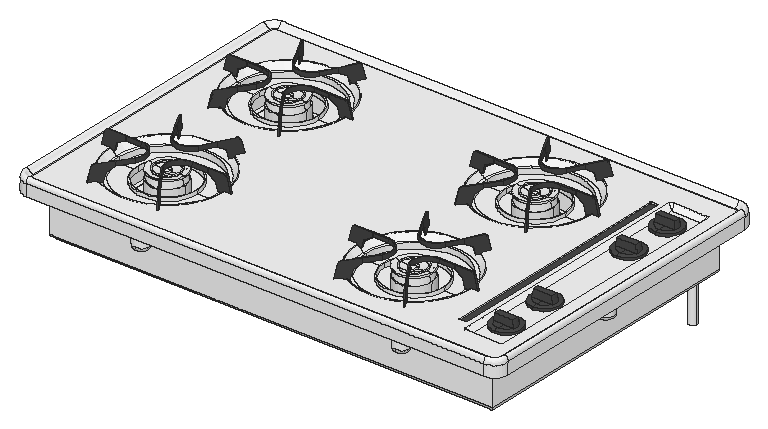
Revit family "QF_Summit_WNL05P_Cooktop", category Specialty Equipment, Revit 2020 (continued)
Definition of nested family "Summit_Burner"
  Automatic sketch dimensions
    curve 37 to plane 8 "Center X" = 0"
    curve 28 to plane 8 "Center X" = 0.00005"
    curve 28 to curve 30 = 0"
    curve 28 to curve 29 = 0"
    curve 37 to curve 23 = 0.00008"
    curve 23 to curve 21 = 0.00002"
    curve 21 to curve 20 = 0.00003"
    curve 30 to curve 16 = 0.00015"
    curve 32 to curve 20 = 0.08532"
    curve 21 to curve 32 = 0.00683"
    curve 31 to curve 21 = 0.0725"
    curve 12 to curve 11 = 0.00194"
    curve 34 to curve 12 = 0.06053"
    curve 33 to curve 12 = 0.06852"
    curve 10 to curve 11 = 0.27562"
    curve 30 to curve 23 = 0.05436"
    curve 35 to curve 10 = 0.05987"
    curve 32 to curve 33 = 0.01816"
    curve 34 to curve 32 = 0.06703"
    curve 31 to curve 34 = 0.0111"
    curve 29 to curve 25 = 0.0546"
    curve 26 to curve 25 = 0.14085"
    curve 36 to curve 9 = 0.05612"
    curve 28 to curve 26 = 0.05462"
    curve 8 to curve 36 = 0.11219"
    curve 37 to curve 8 = 0.0556"
    curve 30 to curve 35 = 0.00104"
    curve 29 to curve 36 = 0.00067"
    curve 28 to curve 37 = 0.00063"
    curve 18 to curve 21 = 0.00535"
    curve 21 to curve 19 = 0.07323"
    curve 11 to curve 12 = 0.0019"
    curve 12 to curve 14 = 0.06051"
    curve 12 to curve 13 = 0.06855"
    curve 11 to curve 10 = 0.3055"
    curve 23 to curve 22 = 0.06833"
    curve 10 to curve 15 = 0.04534"
    curve 13 to curve 18 = 0.01507"
    curve 18 to curve 14 = 0.07001"
    curve 19 to plane 8 "Center X" = 0.08242"
    curve 25 to curve 24 = 0.05466"
    curve 9 to curve 16 = 0.0538"
    curve 26 to curve 27 = 7/128"
    curve 9 to curve 8 = 0.16803"
    curve 8 to curve 17 = 0.04772"
    curve 15 to curve 22 = 0.00203"
    curve 16 to curve 24 = 0.0001"
    curve 17 to curve 27 = 0.00107"
    curve 30 to curve 35 = 0.06245"
    curve 29 to curve 36 = 0.06245"
    curve 28 to curve 37 = 0.06245"
    curve 18 to curve 14 = 0.0297"
    curve 32 to curve 34 = 0.03106"
    curve 12 to curve 34 = 0.04337"
    curve 14 to curve 11 = 0.04324"
    curve 15 to curve 10 = 0.02225"
    curve 16 to curve 9 = 0.03201"
    curve 17 to curve 8 = 0.02894"
    Revolve 1 sketch curve to plane 7 "Center Y" = 0"  (x2)
    Revolve 1 sketch curve to Revolve 1 sketch curve = 0.23333"
    Revolve 1 sketch curve to plane 7 "Center Y" = 0.24695"
    Revolve 1 sketch curve to Revolve 1 sketch curve = 0.51345"
    Revolve 1 sketch curve to Revolve 1 sketch curve = 0.02917"
    Revolve 1 sketch curve to Revolve 1 sketch curve = 0.18246"
    Revolve 1 sketch curve to Revolve 1 sketch curve = 0.07859"
    Revolve 1 sketch curve to Revolve 1 sketch curve = 0.0713"
    Revolve 1 sketch curve to plane 6 "TOP" = 0.50892"
    Revolve 1 sketch curve to Revolve 1 sketch curve = 0.14989"
    Revolve 1 sketch curve to Revolve 1 sketch curve = 0.7"
    Revolve 1 sketch curve to Revolve 1 sketch curve = 0.05833"  (x2)
    plane 3 "LEFT" to Revolve 1 sketch curve = 0.74587"
    Revolve 1 sketch curve to Revolve 1 sketch curve = 0.1959"
    plane 3 "LEFT" to Revolve 1 sketch curve = 1/4"
    Revolve 1 sketch curve to plane 6 "TOP" = 0.53304"
    Revolve 1 sketch curve to Revolve 1 sketch curve = 0.02643"
    Revolve 1 sketch curve to plane 6 "TOP" = 0.8456"
    Revolve 1 sketch curve to Revolve 1 sketch curve = 0"  (x2)
    Revolve 1 sketch curve to Revolve 1 sketch curve = 0.20616"
    Revolve 1 sketch curve to Revolve 1 sketch curve = 1.38136"
    Revolve 1 sketch curve to Revolve 1 sketch curve = 0.0449"
    Revolve 1 sketch curve to Revolve 1 sketch curve = 0.35749"
    Revolve 1 sketch curve to Revolve 1 sketch curve = 0.07043"
    Revolve 1 sketch curve to Revolve 1 sketch curve = 0.03555"
    Revolve 1 sketch curve to Revolve 1 sketch curve = 0.07819"
    Revolve 1 sketch curve to Revolve 1 sketch curve = 0.04006"
    Revolve 1 sketch curve to Revolve 1 sketch curve = 0.01412"
    Revolve 1 sketch curve to Revolve 1 sketch curve = 0.0834"
    Extrusion 2 sketch curve to Extrusion 2 sketch curve = 0"  (x6)
    Extrusion 2 sketch curve to plane 7 "Center Y" = 0"
    plane 7 "Center Y" to Extrusion 2 sketch curve = 0.78533"
    plane 7 "Center Y" to Extrusion 2 sketch curve = 0.79697"
    Extrusion 2 sketch curve to Extrusion 2 sketch curve = 0.05518"  (x4)
    Extrusion 2 sketch curve to Extrusion 2 sketch curve = 0.05181"  (x4)
    Extrusion 2 sketch curve to Extrusion 2 sketch curve = 0.44677"  (x2)
    Extrusion 2 sketch curve to Extrusion 2 sketch curve = 0.54664"  (x2)
    Extrusion 2 sketch curve to plane 8 "Center X" = 1/32"
    Extrusion 2 sketch curve to Extrusion 2 sketch curve = 0.73738"  (x2)
    Extrusion 2 sketch curve to Extrusion 2 sketch curve = 0.95164"  (x2)
    Extrusion 2 sketch curve to plane 7 "Center Y" = 0.78533"
    Extrusion 2 sketch curve to plane 7 "Center Y" = 0.79697"
    plane 8 "Center X" to Extrusion 2 sketch curve = 1/32"
    plane 8 "Center X" to Extrusion 2 sketch curve = 1.39462"
    Extrusion 2 sketch curve to Extrusion 2 sketch curve = 0.02934"
    Extrusion 2 sketch curve to Extrusion 2 sketch curve = 0.41757"
    Extrusion 2 sketch curve to Extrusion 2 sketch curve = 1/16"  (x2)
    Extrusion 2 sketch curve to Extrusion 2 sketch curve = 0.88944"  (x2)
    plane 6 "TOP" to Extrusion 3 sketch curve = 1/4"
    plane 3 "LEFT" to Extrusion 3 sketch curve = 1.21219"
    Extrusion 3 sketch curve to plane 6 "TOP" = 0.05877"
    Extrusion 3 sketch curve to Extrusion 3 sketch curve = 0.53481"
    Extrusion 3 sketch curve to Extrusion 3 sketch curve = 0.12323"
    Extrusion 3 sketch curve to Extrusion 3 sketch curve = 1/4"
    Extrusion 3 sketch curve to Extrusion 3 sketch curve = 0.09613"
    plane 3 "LEFT" to Extrusion 3 sketch curve = 0.16348"
    Extrusion 3 sketch curve to plane 3 "LEFT" = 0.05937"
    Extrusion 3 sketch curve to plane 3 "LEFT" = 0.24994"
    Extrusion 3 sketch curve to plane 6 "TOP" = 0.43845"
    Extrusion 3 sketch curve to Extrusion 3 sketch curve = 0.11457"
    plane 6 "TOP" to Extrusion 3 sketch curve = 0.27032"
    Extrusion 3 sketch curve to Extrusion 3 sketch curve = 0.05556"
    plane 6 "TOP" to Extrusion 4 sketch curve = 1/4"
    Extrusion 4 sketch curve to plane 6 "TOP" = 0.05877"
    Extrusion 4 sketch curve to Extrusion 4 sketch curve = 0.53481"
    Extrusion 4 sketch curve to Extrusion 4 sketch curve = 0.12323"
    Extrusion 4 sketch curve to plane 6 "TOP" = 0.55301"
    Extrusion 4 sketch curve to Extrusion 4 sketch curve = 1/4"
    Extrusion 4 sketch curve to plane 6 "TOP" = 0.43845"
    Extrusion 4 sketch curve to Extrusion 4 sketch curve = 0.09613"
    plane 6 "TOP" to Extrusion 4 sketch curve = 0.27032"
    Extrusion 4 sketch curve to Extrusion 4 sketch curve = 0.5139"
    plane 6 "TOP" to Extrusion 4 sketch curve = 0.32589"
    Extrusion 4 sketch curve to Extrusion 4 sketch curve = 0.22285"
    Extrusion 4 sketch curve to Extrusion 4 sketch curve = 0.45796"
    plane 6 "TOP" to Extrusion 5 sketch curve = 1/4"
    plane 4 "RIGHT" to Extrusion 5 sketch curve = 1.21219"
    Extrusion 5 sketch curve to plane 6 "TOP" = 0.05877"
    Extrusion 5 sketch curve to Extrusion 5 sketch curve = 0.53481"
    Extrusion 5 sketch curve to Extrusion 5 sketch curve = 0.12323"
    Extrusion 5 sketch curve to Extrusion 5 sketch curve = 1/4"
    Extrusion 5 sketch curve to Extrusion 5 sketch curve = 0.09613"
    plane 4 "RIGHT" to Extrusion 5 sketch curve = 0.16348"
    Extrusion 5 sketch curve to plane 4 "RIGHT" = 0.05937"
    Extrusion 5 sketch curve to plane 4 "RIGHT" = 0.24994"
    plane 6 "TOP" to Extrusion 5 sketch curve = 0.27032"
    Extrusion 5 sketch curve to Extrusion 5 sketch curve = 0.05556"
    Extrusion 5 sketch curve to plane 6 "TOP" = 0.43845"
    Extrusion 5 sketch curve to Extrusion 5 sketch curve = 0.11457"
    plane 6 "TOP" to Extrusion 6 sketch curve = 1/4"
    Extrusion 6 sketch curve to plane 6 "TOP" = 0.05877"
    Extrusion 6 sketch curve to Extrusion 6 sketch curve = 0.53481"
    Extrusion 6 sketch curve to Extrusion 6 sketch curve = 0.12323"
    Extrusion 6 sketch curve to plane 6 "TOP" = 0.55301"
    Extrusion 6 sketch curve to Extrusion 6 sketch curve = 1/4"
    Extrusion 6 sketch curve to plane 6 "TOP" = 0.43845"
    Extrusion 6 sketch curve to Extrusion 6 sketch curve = 0.09613"
    plane 6 "TOP" to Extrusion 6 sketch curve = 0.27032"
    Extrusion 6 sketch curve to Extrusion 6 sketch curve = 0.5139"
    plane 6 "TOP" to Extrusion 6 sketch curve = 0.32589"
    Extrusion 6 sketch curve to Extrusion 6 sketch curve = 0.22285"
    Extrusion 6 sketch curve to Extrusion 6 sketch curve = 0.45796"
    plane 6 "TOP" to Extrusion 7 sketch curve = 1/4"
    Extrusion 7 sketch curve to plane 6 "TOP" = 0.05877"
    Extrusion 7 sketch curve to Extrusion 7 sketch curve = 0.53481"
    Extrusion 7 sketch curve to Extrusion 7 sketch curve = 0.12323"
    Extrusion 7 sketch curve to plane 6 "TOP" = 0.55301"
    Extrusion 7 sketch curve to Extrusion 7 sketch curve = 1/4"
    Extrusion 7 sketch curve to plane 6 "TOP" = 0.43845"
    Extrusion 7 sketch curve to Extrusion 7 sketch curve = 0.09613"
    plane 6 "TOP" to Extrusion 7 sketch curve = 0.27032"
    Extrusion 7 sketch curve to Extrusion 7 sketch curve = 0.5139"
    plane 6 "TOP" to Extrusion 7 sketch curve = 0.32589"
    Extrusion 7 sketch curve to Extrusion 7 sketch curve = 0.22285"
    Extrusion 7 sketch curve to Extrusion 7 sketch curve = 0.45796"
    plane 6 "TOP" to Extrusion 8 sketch curve = 1/4"
    Extrusion 8 sketch curve to plane 6 "TOP" = 0.05877"
    Extrusion 8 sketch curve to Extrusion 8 sketch curve = 0.53481"
    Extrusion 8 sketch curve to Extrusion 8 sketch curve = 0.12323"
    Extrusion 8 sketch curve to plane 6 "TOP" = 0.55301"
    Extrusion 8 sketch curve to Extrusion 8 sketch curve = 1/4"
    Extrusion 8 sketch curve to plane 6 "TOP" = 0.43845"
    Extrusion 8 sketch curve to Extrusion 8 sketch curve = 0.09613"
    plane 6 "TOP" to Extrusion 8 sketch curve = 0.27032"
    Extrusion 8 sketch curve to Extrusion 8 sketch curve = 0.5139"
    plane 6 "TOP" to Extrusion 8 sketch curve = 0.32589"
    Extrusion 8 sketch curve to Extrusion 8 sketch curve = 0.22285"
    Extrusion 8 sketch curve to Extrusion 8 sketch curve = 0.45796"
    curve 38 to curve 10 = 0.09124"
    curve 39 to curve 38 = 0.05181"
    curve 40 to curve 41 = 0.03495"
    curve 42 to plane 5 "FRONT" = 0.2744"
    curve 10 to curve 43 = 0.11316"
    curve 43 to curve 44 = 0"
    curve 44 to curve 43 = 0.05181"
    curve 45 to curve 9 = 0.5693"
    curve 45 to curve 46 = 0.03495"
    plane 8 "Center X" to curve 49 = 1/32"
    curve 49 to plane 4 "RIGHT" = 0.24994"
    curve 50 to plane 5 "FRONT" = 0.2744"
    curve 45 to curve 50 = 0.05181"
    curve 49 to plane 8 "Center X" = 1/32"
    curve 25 to curve 26 = 0.14084"
    curve 26 to curve 27 = 0.03027"
    curve 23 to curve 30 = 0.03089"
    curve 21 to curve 31 = 0.03066"
    curve 20 to curve 18 = 0.08679"
    curve 21 to curve 32 = 0.07353"
    curve 20 to curve 32 = 0.03085"
    curve 30 to curve 51 = 0.12572"
    curve 51 to curve 23 = 0.07139"
    curve 51 to curve 52 = 0.05518"
    curve 52 to curve 51 = 0.05518"
    curve 56 to curve 55 = 0.05518"
    plane 1 "BACK" to curve 57 = 0.1948"
    plane 1 "BACK" to curve 54 = 0.1948"
    radius of curve 2 = 0.80512"
    radius of curve 3 = 0.74678"
    radius of curve 4 = 0.23333"
